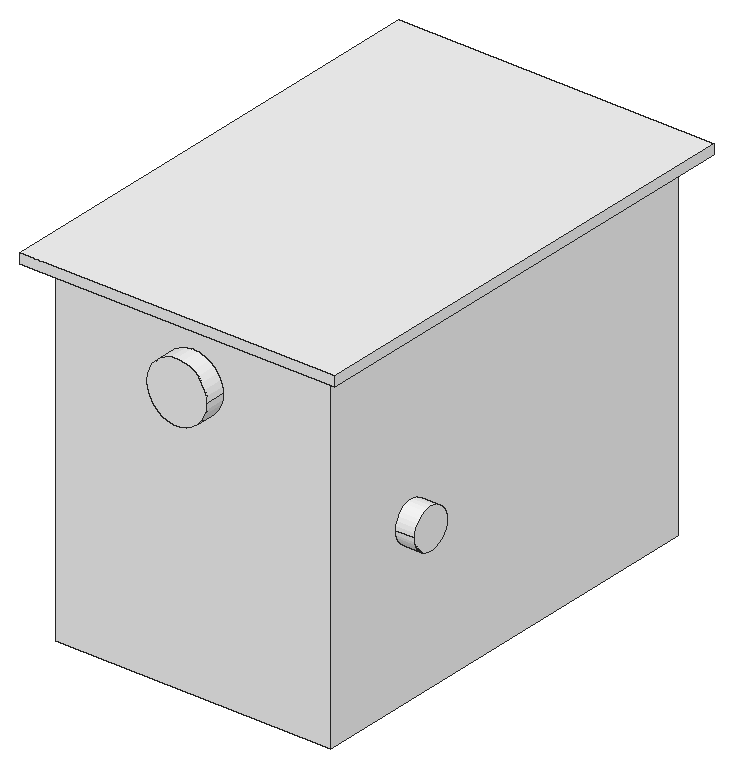
Revit family "Plumbing Fixture-Grease_Interseptor_Mifab_MI-E-O", category Plumbing Fixtures, host Face, Revit 2013
Parameters (values of type "MI-E-O-C")
  Water Capacity = "20.07 Gallons"
  WFU = 0
  URL = "www.mifab.com"
  Standard Inlet And Outlet Radii = F / 2  # 1.500"
  Model = "MI-E-O-C"
  Manufacturer = "MIFAB"
  Interceptor Material = Acid Resistant Epoxy Coated Green
  G = 8.000"
  Flow Rate = "20 GPM"
  F = 3.000"
  E = 17.500"
  Description = "Electronic Oil Interceptors"
  Default Elevation = 0.000"
  D = 14.000"
  C = 3.500"
  B = 15.750"
  Assembly Code = "D2090300"
  A = 23.750"
Types (18): name | Water Capacity | Standard Inlet And Outlet Radii | Model | G | Flow Rate | F | E | D | C | B | A
  (no name) | "20.07 Gallons" | 1.500" | "MI-E-O-C" | 8.000" | "20 GPM" | 3.000" | 17.500" | 14.000" | 3.500" | 15.750" | 23.750"
  MI-E-O-A | "9.73 Gallons" | 1.000" | "MI-E-O-A" | 4.000" | "10 GPM" | 2.000" | 13.000" | 9.500" | 3.500" | 15.750" | 21.250"
  MI-E-O-B | "13.59 Gallons" | 1.000" | "MI-E-O-B" | 6.000" | "15 GPM" | 2.000" | 15.000" | 11.500" | 3.500" | 15.750" | 23.750"
  MI-E-O-C | "20.07 Gallons" | 1.500" | "MI-E-O-C" | 8.000" | "20 GPM" | 3.000" | 17.500" | 14.000" | 3.500" | 15.750" | 23.750"
  MI-E-O-1 | "55.15 Gallons" | 1.500" | "MI-E-O-1" | 19.000" | "25 GPM" | 3.000" | 32.000" | 26.000" | 6.000" | 22.000" | 28.000"
  MI-E-O-2 | "74.67 Gallons" | 1.500" | "MI-E-O-2" | 19.000" | "35 GPM" | 3.000" | 32.000" | 26.000" | 6.000" | 24.000" | 34.000"
  MI-E-O-3 | "80.76 Gallons" | 1.500" | "MI-E-O-3" | 21.000" | "50 GPM" | 3.000" | 34.000" | 28.000" | 6.000" | 24.000" | 34.000"
  MI-E-O-4 | "165.68 Gallons" | 2.000" | "MI-E-O-4" | 21.000" | "75 GPM" | 4.000" | 36.000" | 28.000" | 8.000" | 34.000" | 48.000"
  MI-E-O-5 | "245.21 Gallons" | 2.000" | "MI-E-O-5" | 21.000" | "100 GPM" | 4.000" | 36.000" | 28.000" | 8.000" | 36.000" | 51.000"
  MI-E-O-6 | "195.17Gallons" | 2.000" | "MI-E-O-6" | 21.000" | "125 GPM" | 4.000" | 36.000" | 28.000" | 8.000" | 36.000" | 53.000"
  MI-E-O-7 | "214.30 Gallons" | 2.000" | "MI-E-O-7" | 21.000" | "150 GPM" | 4.000" | 38.000" | 28.000" | 10.000" | 36.000" | 58.000"
  MI-E-O-8 | "308.57Gallons" | 2.000" | "MI-E-O-8" | 25.000" | "200 GPM" | 4.000" | 42.000" | 32.000" | 10.000" | 38.000" | 68.000"
  MI-E-O-9 | "426.39Gallons" | 2.000" | "MI-E-O-9" | 31.000" | "250 GPM" | 4.000" | 50.000" | 38.000" | 12.000" | 40.000" | 74.000"
  MI-E-O-10 | "549.71Gallons" | 2.000" | "MI-E-O-10" | 33.000" | "300 GPM" | 4.000" | 52.000" | 40.000" | 12.000" | 44.000" | 78.000"
  MI-E-O-11 | "621.30Gallons" | 3.000" | "MI-E-O-11" | 33.000" | "350 GPM" | 6.000" | 52.000" | 40.000" | 12.000" | 46.000" | 80.000"
  MI-E-O-12 | "664.52Gallons" | 3.000" | "MI-E-O-12" | 35.000" | "400 GPM" | 6.000" | 54.000" | 42.000" | 12.000" | 48.000" | 82.000"
  MI-E-O-13 | "690.91Gallons" | 3.000" | "MI-E-O-13" | 35.000" | "450 GPM" | 6.000" | 54.000" | 42.000" | 12.000" | 50.000" | 84.000"
  MI-E-O-14 | "781.82 Gallons" | 3.000" | "MI-E-O-14" | 39.000" | "500 GPM" | 6.000" | 58.000" | 46.000" | 12.000" | 52.000" | 86.000"
Reference planes (in)
  plane 1 "Center (Front/Back)": y = 0
  plane 2: z = 0
  plane 3 "Center (Left/Right)": x = 0
  plane 4: x = -7.875
  plane 5: y = -11.875
  plane 6: y = 11.875
  plane 7: x = 7.875
  plane 8: z = -3.5
  plane 9: z = -17.5
  plane 10: z = -17.5
  plane 11: z = -0.1345
  plane 12: z = -17.3655
  plane 13: z = -6.35862
  plane 14: z = -9.5
Forms (in)
  Extrusion 1, solid, material "Acid Resistant Epoxy Coated Green" <- "Interceptor Material"
    sketch origin (0, 0, 0) x (1, 0, 0) y (0, 1, 0)
      loop
        line (-7.875, 11.875) -> (-7.875, -11.875) -> (7.875, -11.875) -> (7.875, 11.875) -> (-7.875, 11.875)
    from 0 to -0.5
  Extrusion 2, solid, material "Acid Resistant Epoxy Coated Green" <- "Interceptor Material"
    sketch origin (0, 0, 0) x (1, 0, 0) y (0, 1, 0)
      loop
        line (-6.875, 10.875) -> (-6.875, -10.875) -> (6.875, -10.875) -> (6.875, 10.875) -> (-6.875, 10.875)
    from 0 to -17.5
  Extrusion 3, solid, material "Acid Resistant Epoxy Coated Green" <- "Interceptor Material"
    sketch origin (0, 0, 0) x (1, 0, 0) y (0, 0, 1)
      loop
        circle (0, -3.5) r 1.5
    from -11.875 to 11.875
  Extrusion 4, solid, material "Acid Resistant Epoxy Coated Green" <- "Interceptor Material"
    sketch origin (0, 0, -2.64138) x (0, 1, 0) y (0, 0, 1)
      loop
        circle (-5.83148, -6.85862) r 1
    from -7.875 to 7.875
Cuts and joins
  joined: Extrusion 1, Extrusion 2, Extrusion 3, Extrusion 4
Lines and regions (in)
  symbolic lines
    curve 1: line (-7.875, 11.875, 0) -> (7.875, 11.875, 0)
    curve 2: line (-7.875, -11.875, 0) -> (-7.875, 11.875, 0)
    curve 3: line (7.875, -11.875, 0) -> (-7.875, -11.875, 0)
    curve 4: line (7.875, 11.875, 0) -> (7.875, -11.875, 0)
Dimensions and locks (in)
  equal spacing: plane 4, plane 3 "Center (Left/Right)", plane 7
  equal spacing: plane 6, plane 1 "Center (Front/Back)", plane 5
  "B": plane 4 to plane 7
  "A": plane 6 to plane 5
  "C": host face to plane 8
  "D": plane 8 to plane 9
  "E": host face to plane 10
  equal spacing: Extrusion 2 sketch curve, plane 3 "Center (Left/Right)", Extrusion 2 sketch curve
  equal spacing: Extrusion 2 sketch curve, plane 1 "Center (Front/Back)", Extrusion 2 sketch curve
  Extrusion 2 sketch curve to plane 6 = 1.000"
  plane 4 to Extrusion 2 sketch curve = 1.000"
  locked: plane 12 to plane 10 at 0.1345
  locked: host face to plane 11 at 0.1345
  locked: plane 1 "Center (Front/Back)" to Extrusion 4 sketch curve at 5.83148
  "G": plane 14 to plane 10
  locked: Extrusion 4 sketch curve to plane 14 at 1
  "F": diameter of Extrusion 3 sketch curve
  aligned and locked: plane 2 to host face
  aligned and locked: level to host face
  aligned and locked: Extrusion 1 sketch curve to plane 6
  aligned and locked: plane 4 to Extrusion 1 sketch curve
  aligned and locked: plane 5 to Extrusion 1 sketch curve
  aligned and locked: Extrusion 1 sketch curve to plane 7
  aligned and locked: Extrusion 2 to plane 9
  aligned and locked: Extrusion 3 to plane 5
  aligned and locked: plane 6 to Extrusion 3
  aligned and locked: Extrusion 3 to cut or joined group of Extrusion 1, Extrusion 2, Extrusion 3, Extrusion 4
  aligned and locked: Extrusion 4 to plane 4
  aligned and locked: plane 7 to Extrusion 4
  aligned and locked: curve 1 to plane 6
  aligned and locked: plane 4 to curve 2
  aligned and locked: plane 5 to curve 3
  aligned and locked: curve 4 to plane 7
Automatic sketch dimensions
  host sketch curve to host sketch curve = 52.000"
  host sketch curve to host sketch curve = 86.000"
  Extrusion 3 sketch curve to plane 3 "Center (Left/Right)" = 0.000"
  Extrusion 3 sketch curve to plane 8 = 0.000"
  Extrusion 4 sketch curve to plane 14 = 0.000"
Connectors (in)
  piping at (0, 11.875, -3.5), driven by "Standard Inlet And Outlet Radii"
    settings: on cut or joined group of Extrusion 1, Extrusion 2, Extrusion 3, Extrusion 4, index 1, connector radius 1 1/2", flow factor 0, pipe flow 0 GPM, pressure drop 0.00 psi, fitting loss kfactor 0, connector angle 0.00°, fixture units 0, engagement length 0.000", flow configuration 0, flow direction 1, fitting loss method 0, system type 16, joint type 0, gender type 0, connector reference index -1, connector utility 0, adjustable connector no, is connector primary yes, fitting loss table "", connector description "In"
  piping at (0, -11.875, -3.5), driven by "Standard Inlet And Outlet Radii"
    settings: on cut or joined group of Extrusion 1, Extrusion 2, Extrusion 3, Extrusion 4, index 2, connector radius 1 1/2", flow factor 0, pipe flow 0 GPM, pressure drop 0.00 psi, fitting loss kfactor 0, connector angle 0.00°, fixture units 0, engagement length 0.000", flow configuration 0, flow direction 2, fitting loss method 0, system type 16, joint type 0, gender type 0, connector reference index -1, connector utility 0, adjustable connector no, is connector primary no, fitting loss table "", connector description "Out"
